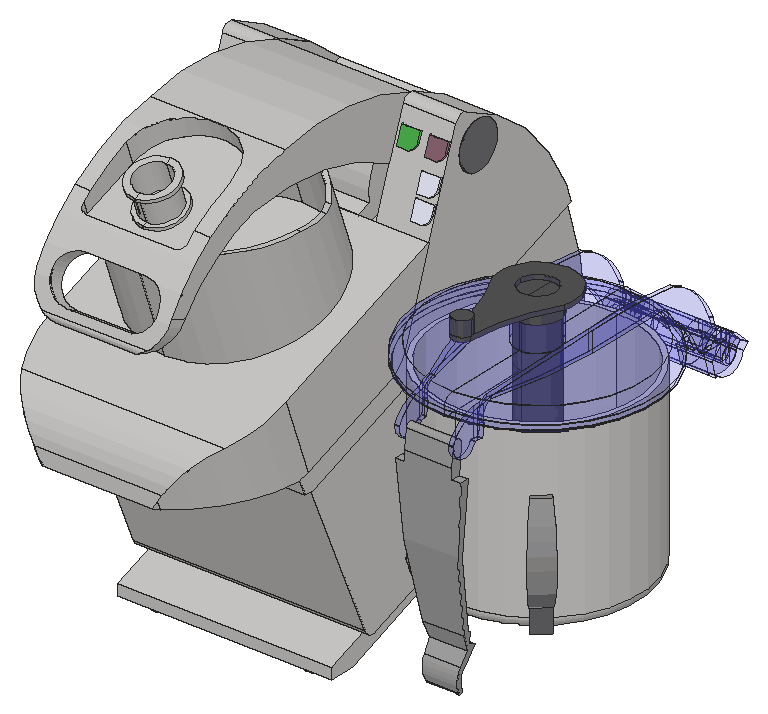
Revit family "QF_ELECTROLUXPROFESSIONAL_600484_TRK45YA", category Specialty Equipment, Revit 2018 (continued)
Definition of nested family "QF_600484_BOWL"
  Lines and regions (mm)
    symbolic lines
      curve 49: line (-71.073, 171.51, 0) -> (-71.073, 49.783, 0)
      curve 50: arc (40.771, 54.948, 0) -> (114.476, -69.566, 0) -> (21.15, -180.138, 0) r 124.909
      curve 51: arc (-60.771, 41.751, 0) -> (-122.562, -68.863, 0) -> (-42.781, -167.295, 0) r 112.979
      curve 52: line (93.154, -162.392, 0) -> (78.293, -147.531, 0)
      curve 53: line (93.154, -162.392, 0) -> (74.048, -178.424, 0)
      curve 54: line (74.048, -178.424, 0) -> (61.96, -161.274, 0)
      curve 55: arc (-37.781, -168.686, 0) -> (-23.999, -171.284, 0) -> (-10, -172.155, 0) r 112.979
      curve 56: arc (-41.15, -180.138, 0) -> (-94.625, -151.05, 0) -> (-128, -100.142, 0) r 124.909
      curve 57: arc (22.781, -167.295, 0) -> (102.562, -68.863, 0) -> (40.771, 41.751, 0) r 112.979
      curve 58: arc (16.15, -181.317, 0) -> (3.148, -183.391, 0) -> (-10, -184.085, 0) r 124.909
      curve 59: line (16.15, -211, 0) -> (16.15, -177.864, 0)
      curve 60: line (-36.15, -211, 0) -> (-36.15, -177.864, 0)
      curve 61: line (-41.15, -211, 0) -> (21.15, -211, 0)
      curve 62: line (22.008, -210.888, 0) -> (22.008, -197.61, 0)
      curve 63: spline (-42.008, -197.61, 0) -> (-41.937, -197.617, 0) -> (-41.865, -197.622, 0) -> (-41.794, -197.626, 0) -> (-41.722, -197.627, 0) -> (-41.651, -197.627, 0) -> (-41.579, -197.625, 0) -> (-41.508, -197.621, 0) -> (-41.436, -197.615, 0) -> (-41.365, -197.608, 0) -> (-41.293, -197.598, 0) -> (-41.222, -197.587, 0) -> (-41.15, -197.574, 0)
      curve 64: line (-42.008, -210.888, 0) -> (-42.008, -197.61, 0)
      curve 65: arc (-128, -18.211, 0) -> (-101.973, 25.34, 0) -> (-60.771, 54.948, 0) r 124.909
      curve 66: arc (-128, -100.142, 0) -> (-134.909, -59.177, 0) -> (-128, -18.211, 0) r 124.909
      curve 67: line (-108, -177.764, 0) -> (-49.233, -177.764, 0)
      curve 68: line (-128, 191, 0) -> (-128, -17.764, 0)
      curve 69: line (29.233, -177.764, 0) -> (108, -177.764, 0)
      curve 70: line (-128, -97.764, 0) -> (-128, -157.764, 0)
      curve 71: line (-108, 211, 0) -> (108, 211, 0)
      curve 72: arc (-128, -157.764, 0) -> (-122.142, -171.906, 0) -> (-108, -177.764, 0) r 20
      curve 73: arc (108, -177.764, 0) -> (122.142, -171.906, 0) -> (128, -157.764, 0) r 20
      curve 74: arc (128, 191, 0) -> (122.142, 205.142, 0) -> (108, 211, 0) r 20
      curve 75: arc (-108, 211, 0) -> (-122.142, 205.142, 0) -> (-128, 191, 0) r 20
      curve 76: line (45.852, 123.86, 0) -> (-71.073, 123.86, 0)
      curve 77: line (45.852, 137.378, 0) -> (-65.852, 137.378, 0)
      curve 78: line (45.852, 143.082, 0) -> (-65.852, 143.082, 0)
      curve 79: line (53.607, 123.86, 0) -> (45.852, 123.86, 0)
      curve 80: line (45.852, 123.86, 0) -> (45.852, 170.216, 0)
      curve 81: line (45.852, 170.216, 0) -> (-65.852, 170.216, 0)
      curve 82: line (-65.852, 170.216, 0) -> (-65.852, 123.86, 0)
      curve 83: line (102.599, 101.361, 0) -> (117.599, 101.361, 0)
  Dimensions and locks
    plane 4 "TOP" to level = 705.4 mm  (x2)
    plane 7 "LEFT" to plane 3 "Center (Left/Right)" to plane 8 "RIGHT" = 128 mm, 128 mm
    plane 6 "BACK" to plane 1 "Center (Front/Back)" to plane 5 "FRONT" = 211 mm, 211 mm
    plane 6 "BACK" to plane 5 "FRONT" = 422 mm
    plane 7 "LEFT" to plane 8 "RIGHT" = 256 mm
    plane 9 "CenterX" to plane 3 "Center (Left/Right)" = 10 mm
    plane 12 to level = 510 mm
    aligned and locked: level to plane 2
    aligned and locked: Extrusion 5 to cut or joined group of Extrusion 8, Extrusion 9, Extrusion 11, Extrusion 20
